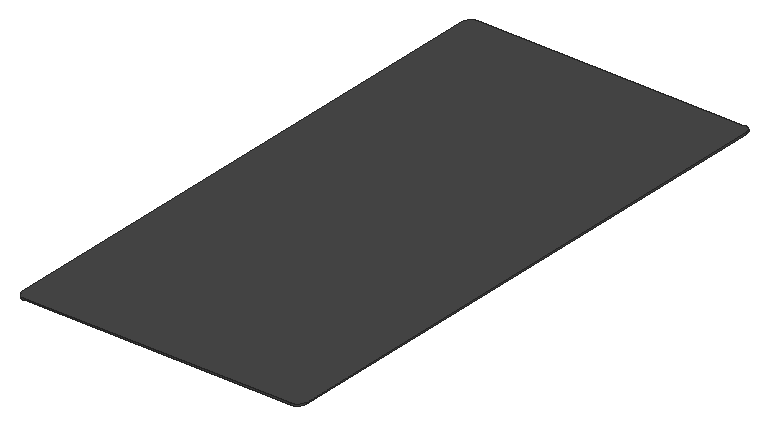
Revit family "Hand_Dryer-Excel_Dryer-Wall_Guard", category Specialty Equipment, host Face, Revit 2015
Parameters (values of type "89B")
  Width = 1' - 4"  # constant formula
  URL = "http://www.exceldryer.com/index.php"
  Product data url = "hhttps://bimobject.com/excel-dryer-us/product/excel_xlerator_wallguard"
  Product Page URL = "http://www.exceldryer.com/products_xlerator.php#xlerator_accessories"
  Product Name = "XLERATOR Wall Guard"  # constant formula
  Product Documentation Link = "http://www.exceldryer.com/pdfs/2014/Excel2014WallGuards.pdf"
  Model = "Wall Guard Black"
  Material = ""
  Manufacturer = "Excel Dryer"  # constant formula
  Height = 2' - 8"  # constant formula
  Description = "Wall Guard"  # constant formula
  Depth = 0' - 0 1/16"  # constant formula
  Default Elevation = 1' - 5 9/16"
  Wall Guard Material = Plastic - Excel Dryer - Anti-Microbial - Black
Types (3): name | Product data url | Product Page URL | Model | Wall Guard Material
  89S | "https://bimobject.com/excel-dryer-us/product/9086" | "http://www.exceldryer.com/specification_tools.php" | "Wall Guard Stainless" | Metal - Excel Dryer - Stainless Steel - Brushed
  89B | "hhttps://bimobject.com/excel-dryer-us/product/excel_xlerator_wallguard" | "http://www.exceldryer.com/products_xlerator.php#xlerator_accessories" | "Wall Guard Black" | Plastic - Excel Dryer - Anti-Microbial - Black
  89W | "https://bimobject.com/excel-dryer-us/product/9086" | "http://www.exceldryer.com/specification_tools.php" | "Wall Guard White" | Plastic - Excel Dryer - Anti-Microbial - White
Reference planes (in)
  plane 1 "Center (Front/Back)": y = 0
  plane 2: z = 0
  plane 3 "Center (Left/Right)": x = 0
  plane 4 "Top": y = 16
  plane 5 "Bottom": y = -16
  plane 6 "Front": z = 0.0625
  plane 7 "Back": z = 0
  plane 8: x = -8
  plane 9: x = 8
  plane 10 "Bottom of Dryer": y = 17
  plane 11: y = 15
  plane 12: y = -15
  plane 13: x = -6.5
  plane 14: x = 6.5
  plane 15: x = -3
  plane 16: x = -1.75
  plane 17: x = 1.75
  plane 18: x = 3
  plane 19: x = -7.75
  plane 20: x = 7.75
Forms (in)
  Extrusion 1, solid, material "Plastic - Excel Dryer - Anti-Microbial - Black" <- "Wall Guard Material"
    sketch origin (0, 0, 0) x (1, 0, 0) y (0, 1, 0)
      loop
        arc (-7.5, 16) -> (-7.85355, 15.85355) -> (-8, 15.5) r 0.5
        line (-8, 15.5) -> (-8, -15.5)
        arc (-8, -15.5) -> (-7.85355, -15.85355) -> (-7.5, -16) r 0.5
        line (-7.5, -16) -> (7.5, -16)
        arc (7.5, -16) -> (7.85355, -15.85355) -> (8, -15.5) r 0.5
        line (8, -15.5) -> (8, 15.5)
        arc (8, 15.5) -> (7.85355, 15.85355) -> (7.5, 16) r 0.5
        line (7.5, 16) -> (-7.5, 16)
    from 0 to 0.0625
Lines and regions (in)
  Masking region 1
    outline origin (0, 0, 0) x (1, 0, 0) y (0, 0, 1)
      loop
        line (-8, 0.0625) -> (-8, 0) -> (8, 0) -> (8, 0.0625) -> (-8, 0.0625)
  model lines
    curve 1: line (-7.75, 15, 0) -> (-6.5, 15, 0)
    curve 2: line (-7.75, -15, 0) -> (-7.75, 15, 0)
    curve 3: line (-6.5, -15, 0) -> (-7.75, -15, 0)
    curve 4: line (-6.5, 15, 0) -> (-6.5, -15, 0)
    curve 5: line (-3, 15, 0) -> (-1.75, 15, 0)
    curve 6: line (-3, -15, 0) -> (-3, 15, 0)
    curve 7: line (-1.75, -15, 0) -> (-3, -15, 0)
    curve 8: line (-1.75, 15, 0) -> (-1.75, -15, 0)
    curve 9: line (1.75, 15, 0) -> (3, 15, 0)
    curve 10: line (1.75, -15, 0) -> (1.75, 15, 0)
    curve 11: line (3, -15, 0) -> (1.75, -15, 0)
    curve 12: line (3, 15, 0) -> (3, -15, 0)
    curve 13: line (6.5, 15, 0) -> (7.75, 15, 0)
    curve 14: line (6.5, -15, 0) -> (6.5, 15, 0)
    curve 15: line (7.75, -15, 0) -> (6.5, -15, 0)
    curve 16: line (7.75, 15, 0) -> (7.75, -15, 0)
Dimensions and locks (in)
  equal spacing: plane 5 "Bottom", plane 1 "Center (Front/Back)", plane 4 "Top"
  "Height": plane 5 "Bottom" to plane 4 "Top"
  equal spacing: plane 8, plane 3 "Center (Left/Right)", plane 9
  "Width": plane 8 to plane 9
  "Depth": plane 6 "Front" to plane 7 "Back"
  locked: plane 10 "Bottom of Dryer" to plane 4 "Top" at 1
  locked: plane 5 "Bottom" to plane 12 at 1
  locked: plane 4 "Top" to plane 11 at 1
  locked: plane 8 to plane 13 at 1.5
  locked: plane 14 to plane 9 at 1.5
  locked: plane 16 to plane 17 at 3.5
  locked: plane 13 to plane 15 at 3.5
  locked: plane 15 to plane 16 at 1.25
  locked: plane 18 to plane 14 at 3.5
  Extrusion 1 sketch curve to Extrusion 1 sketch curve to plane 9 = 0' - 0" locked, 0' - 0 1/2" locked
  plane 8 to Extrusion 1 sketch curve to Extrusion 1 sketch curve = 0' - 0 1/2" locked, 0' - 0" locked
  plane 5 "Bottom" to Extrusion 1 sketch curve to Extrusion 1 sketch curve = 0' - 0 1/2" locked, 0' - 0" locked
  locked: plane 20 to plane 9 at 0.25
  locked: plane 8 to plane 19 at 0.25
  plane 4 "Top" to Extrusion 1 sketch curve to Extrusion 1 sketch curve = 0' - 0 1/2" locked, 0' - 0" locked
  aligned and locked: plane 2 to host face
  aligned and locked: level to host face
  aligned and locked: plane 2 to plane 7 "Back"
  aligned and locked: plane 8 to Extrusion 1 sketch curve
  aligned and locked: Extrusion 1 sketch curve to plane 5 "Bottom"
  aligned and locked: Extrusion 1 sketch curve to plane 9
  aligned and locked: Extrusion 1 to plane 7 "Back"
  aligned and locked: plane 6 "Front" to Extrusion 1
  aligned and locked: Extrusion 1 sketch curve to plane 4 "Top"
Automatic sketch dimensions
  host sketch curve to host sketch curve = 8' - 0"  (x2)
  plane 12 to curve 3 = 0' - 0"
  curve 3 to plane 19 = 0' - 0"
  curve 3 to plane 13 = 0' - 0"
  curve 5 to plane 4 "Top" = 0' - 1"
  curve 5 to plane 15 = 0' - 0"
  curve 5 to plane 16 = 0' - 0"
  curve 9 to plane 4 "Top" = 0' - 1"
  curve 9 to plane 17 = 0' - 0"
  curve 9 to plane 18 = 0' - 0"
  curve 13 to plane 4 "Top" = 0' - 1"
  curve 13 to plane 14 = 0' - 0"
  curve 13 to plane 20 = 0' - 0"
  plane 12 to curve 16 = 0' - 0"
  plane 12 to curve 12 = 0' - 0"
  plane 12 to curve 6 = 0' - 0"
  curve 4 to plane 4 "Top" = 0' - 1"
  Masking region 1 sketch curve to level = 0' - 0"
  Masking region 1 sketch curve to plane 8 = 0' - 0"
  Masking region 1 sketch curve to plane 9 = 0' - 0"
  Masking region 1 sketch curve to plane 6 "Front" = 0' - 0"
